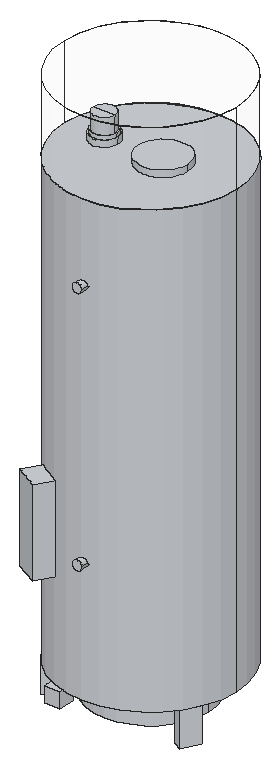
Revit family
Parameters (values of type "CGN500 085 (A)")
  water outlet radius = 3/4"
  water inlet radius = 3/4"
  water inlet/outlet length = radius + 1"  # 14 7/8"
  gas conn radius = 1/2"
  gas conn offset = radius * sin(15.00°)  # 3.59111"
  E_Gas conn height = 4 1/2"
  D_water inlet height = 25 1/2"
  vent radius = 3"
  top clearance = 12"
  tank height = A_HEIGHT - 4"  # 78 1/4"
  flue dimension = vent radius + 6"  # 9"
  bottom of tank radius = radius - 4 1/2"  # 9 3/8"
  bottom of tank height = -1 * feet height + 1"  # -4 1/2"
  SES BIM Studio # = "201264902-46"
  URL = "http://www.lochinvar.com/products/Default.aspx?type=ProductLine&lineid=188"
  Model = "CGN500 085 (A)"
  Manufacturer = "Lochinvar"
  MODEL NO. = "CGN500 085 (A)"
  GALLON CAPACITY = "100"
  feet height = E_Gas conn height + 1"  # 5 1/2"
  C_water oultlet height = 65 3/4"
  B_DIAMETER = radius * 2  # 27 3/4"
  INPUT RATE (BTUH) = "500,000"
  A_HEIGHT = 82 1/4"
  FUEL TYPE = "NATURAL GAS"
  Description = "Commercial Water Heater"
  Fuel Type = "Natrual Gas"
  radius = 13 7/8"
Reference planes (in)
  plane 1 "Center (Front/Back)": y = 6.125
  plane 2: z = 0
  plane 3 "Center (Left/Right)": x = -1.39218
  plane 4 "Top": z = 78.25
  plane 5 "Top Clearance": z = 90.25
  plane 6 "Foot Offset Plane": through (-1.39218, 6.125, 48) normal (-0.866, 0.5, 0)
  plane 7 "Foot Offset Plane 2": through (-1.39218, 6.125, 48) normal (-0.866, -0.5, 0)
  plane 8 "Tank Bottom": z = 5.5
  plane 9 "Elec Box Plane": through (-1.39218, 6.125, 48) normal (0.5, 0.866, 0)
  plane 10 "Elec Box Height": z = 35.25
Forms (in)
  Extrusion 1, solid, material "Clearance"
    sketch origin (0, 0, 78.25) x (-1, 0, 0) y (0, -1, 0)
      loop
        circle (1.39218, -6.125) r 13.875
    from 0 to 12
  Extrusion 2, solid
    sketch origin (0, 0, 0) x (1, 0, 0) y (0, 1, 0)
      loop
        line (-14.15828, 0.48654) -> (-12.65828, -2.11154) -> (-11.35924, -1.36154) -> (-12.85924, 1.23654) -> (-14.15828, 0.48654)
      loop
        line (9.87392, -2.11154) -> (11.37392, 0.48654) -> (10.07489, 1.23654) -> (8.57489, -1.36154) -> (9.87392, -2.11154)
      loop
        line (-2.89218, 18.5) -> (0.10782, 18.5) -> (0.10782, 20) -> (-2.89218, 20) -> (-2.89218, 18.5)
    from 0 to 5.5 <- "feet height"
  Extrusion 3, solid
    sketch origin (0, 0, 5.5) x (-1, 0, 0) y (0, -1, 0)
      loop
        circle (1.39218, -6.125) r 13.875
    from 0 to 72.75
  Extrusion 4, solid
    sketch origin (0, 0, 5.5) x (-1, 0, 0) y (0, -1, 0)
      loop
        circle (1.39218, -6.125) r 9.375
    from 0 to -4.5 <- "bottom of tank height"
  Extrusion 5, solid
    sketch origin (0, 6.125, 0) x (1, 0, 0) y (0, 0, 1)
      loop
        circle (-1.39218, 25.5) r 0.75
    from 0 to 14.875 <- "water inlet/outlet length"
  Extrusion 6, solid
    sketch origin (0, 6.125, 17.25) x (1, 0, 0) y (0, 0, 1)
      loop
        circle (-1.39218, 48.5) r 0.75
    from 0 to 14.875 <- "water inlet/outlet length"
  Extrusion 7, solid
    sketch origin (0, 0, 35.25) x (-1, 0, 0) y (0, -1, 0)
      loop
        line (10.16998, 4.8286) -> (11.66998, 7.42668) -> (7.98938, 9.55168) -> (6.48938, 6.9536) -> (10.16998, 4.8286)
    from 0 to -14
  Extrusion 8, solid
    sketch origin (0, 0, 5.5) x (-1, 0, 0) y (0, -1, 0)
      loop
        line (7.48329, 5.25) -> (7.48329, 7.75) -> (4.98329, 7.75) -> (4.98329, 5.25) -> (7.48329, 5.25)
    from 0 to -2.5
  Extrusion 9, solid
    sketch origin (-7.48329, -7.75, 5.5) x (0, 1, 0) y (0, 0, -1)
      loop
        circle (1.26844, 1) r 0.5
    from 0 to 0.5
  Extrusion 10, solid
    sketch origin (-1, 0, 78.25) x (-1, 0, 0) y (0, -1, 0)
      loop
        circle (-1.60782, -6.125) r 4
    from 0 to 1
  Revolve 11, solid
    sketch origin (2, 6.125, 0) x (1, 0, 0) y (0, 0, 1)
      loop
        line (-10.89218, 78.25) -> (-8.64218, 78.25) -> (-8.64218, 79.25) -> (-8.89218, 79.25) -> (-8.89218, 79.75) -> (-9.14218, 79.75) -> (-9.14218, 82.25) -> (-10.89218, 82.25) -> (-10.89218, 78.25)
      axis (-10.89218, 82.25) -> (-10.89218, 78.25)
    angle from 0 to 360
Dimensions and locks (in)
  "tank height": plane 4 "Top" to level
  "top clearance": plane 5 "Top Clearance" to plane 4 "Top"
  "radius": plane 1 "Center (Front/Back)" to Extrusion 2 sketch curve
  locked: Extrusion 2 sketch curve to Extrusion 2 sketch curve at 3  (x3)
  locked: Extrusion 2 sketch curve to Extrusion 1 at 1.5
  locked: Extrusion 2 sketch curve to Extrusion 2 sketch curve at 1.5  (x2)
  "radius": Extrusion 2 sketch curve to plane 7 "Foot Offset Plane 2"
  "radius": plane 6 "Foot Offset Plane" to Extrusion 2 sketch curve
  "feet height": plane 8 "Tank Bottom" to level
  "D_water inlet height": Extrusion 5 sketch curve to level
  "C_water oultlet height": Extrusion 6 sketch curve to level
  locked: Extrusion 7 sketch curve to Extrusion 7 sketch curve at 3
  locked: Extrusion 7 sketch curve to Extrusion 7 sketch curve at 4.25
  "radius": plane 9 "Elec Box Plane" to Extrusion 7 sketch curve
  locked: Extrusion 8 sketch curve to Extrusion 8 sketch curve at 2.5  (x2)
  "radius": Extrusion 8 sketch curve to plane 1 "Center (Front/Back)"
  "gas conn offset": Extrusion 8 sketch curve to plane 3 "Center (Left/Right)"
  "E_Gas conn height": Extrusion 9 sketch curve to level
  "radius": radius of Extrusion 1 sketch curve
  "radius": radius of Extrusion 3 sketch curve
  "bottom of tank radius": radius of Extrusion 4 sketch curve
  "water inlet radius": radius of Extrusion 5 sketch curve
  "water inlet radius": radius of Extrusion 6 sketch curve
  "gas conn radius": radius of Extrusion 9 sketch curve
  aligned and locked: plane 5 "Top Clearance" to Extrusion 1
  aligned and locked: plane 4 "Top" to Extrusion 3
Automatic sketch dimensions
  plane 1 "Center (Front/Back)" to Extrusion 1 sketch curve = 0"
  Extrusion 1 sketch curve to plane 3 "Center (Left/Right)" = 0"
  Extrusion 2 sketch curve to plane 3 "Center (Left/Right)" = 1 1/2"
  plane 1 "Center (Front/Back)" to Extrusion 2 sketch curve = 4.88846"  (x2)
  plane 1 "Center (Front/Back)" to Extrusion 3 sketch curve = 0"
  Extrusion 3 sketch curve to plane 3 "Center (Left/Right)" = 0"
  plane 1 "Center (Front/Back)" to Extrusion 4 sketch curve = 0"
  Extrusion 4 sketch curve to plane 3 "Center (Left/Right)" = 0"
  Extrusion 5 sketch curve to plane 3 "Center (Left/Right)" = 0"
  Extrusion 6 sketch curve to plane 3 "Center (Left/Right)" = 0"
  Extrusion 7 sketch curve to plane 3 "Center (Left/Right)" = 5.0972"
  Extrusion 8 to Extrusion 9 sketch curve = 1.23156"
  plane 1 "Center (Front/Back)" to Extrusion 10 sketch curve = 0"
  plane 3 "Center (Left/Right)" to Extrusion 10 sketch curve = 2"
  Revolve 11 sketch curve to plane 4 "Top" = 0"
  Revolve 11 sketch curve to plane 3 "Center (Left/Right)" = 7 1/2"
  Revolve 11 sketch curve to Revolve 11 sketch curve = 0"
  Revolve 11 sketch curve to Revolve 11 sketch curve = 1 3/4"
  Revolve 11 sketch curve to Revolve 11 sketch curve = 1/4"  (x2)
  Revolve 11 sketch curve to plane 4 "Top" = 4"
  plane 4 "Top" to Revolve 11 sketch curve = 1"
  Revolve 11 sketch curve to Revolve 11 sketch curve = 1/2"
  Revolve 11 sketch curve to Revolve 11 sketch curve = 2 1/2"
  Revolve 11 sketch curve to plane 5 "Top Clearance" = 2 3/4"
  radius of Extrusion 10 sketch curve = 4"
Connectors (in)
  piping at (-1.39218, -8.75, 25.5), driven by "water inlet radius"
    settings: on Extrusion 5, index 2, connector radius 3/4", flow factor 0, pipe flow 0 GPM, pressure drop 0.00 psi, fitting loss kfactor 0, connector angle 0.00°, fixture units 0, flow configuration 0, flow direction 1, fitting loss method 0, system type 20, connector reference index -1, connector utility 0, adjustable connector no, is connector primary yes, fitting loss table "", connector description "Water Inlet Conn"
  piping at (-7.98329, -6.48156, 4.5), driven by "gas conn radius"
    settings: on Extrusion 9, index 3, connector radius 1/2", flow factor 0, pipe flow 0 GPM, pressure drop 0.00 psi, fitting loss kfactor 0, connector angle 0.00°, fixture units 0, flow configuration 0, flow direction 1, fitting loss method 0, system type 22, connector reference index -1, connector utility 0, adjustable connector no, is connector primary no, fitting loss table "", connector description "Gas Conn"
  electrical at (-10.91998, -6.12764, 28.25)
    settings: on Extrusion 7, index 4, voltage 120 V, apparent load 0 VA, apparent load phase1 0 VA, apparent load phase2 0 VA, apparent load phase3 0 VA, power factor 1, load classification "Other", number of poles 1, system type 30, power factor state 1, is connector primary yes, connector utility no, sub classification motor no, connector description ""
  piping at (-1.39218, -8.75, 65.75), driven by "water outlet radius"
    settings: on Extrusion 6, index 5, connector radius 3/4", flow factor 0, pipe flow 0 GPM, pressure drop 0.00 psi, fitting loss kfactor 0, connector angle 0.00°, fixture units 0, flow configuration 0, flow direction 2, fitting loss method 0, system type 19, connector reference index -1, connector utility 0, adjustable connector no, is connector primary no, fitting loss table "", connector description "Water Outlet Conn"
  hvac at (0.60782, 6.125, 79.25), driven by "vent radius"
    settings: on Extrusion 10, index 6, duct flow 0 CFM, flow factor 0, pres drop 0.00 in-wg, loss coef 0, conn angle 0.00°, conn width 12", conn height 12", conn radius 3", duct sys type 3, conn prof type 0, flow config 0, flow direction 0, loss method 0, conn ref index -1, conn util no, is conn primary yes, conn desc ""
